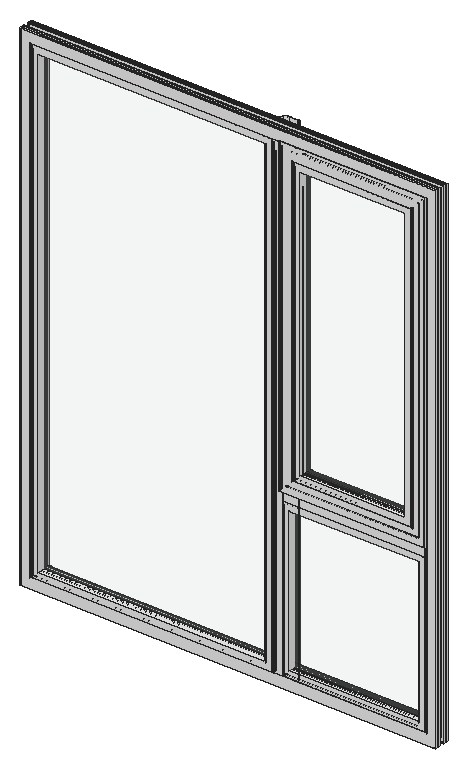
Revit family "Serene_T&T_Window_E_Standard", category Windows, host Wall, Revit 2014
Parameters (values of type "52TT-1518S-2000Pa")
  Windload Design = if(Custom Windload < 1001 mm, 1000 mm, if(Custom Windload < 1501 mm, 1500 mm, 2000 mm))  # 2000 mm
  Width Sash [instance] = 522 mm
  Width = if(Custom Window Width > Limit Window Width Max, Limit Window Width Max, if(Custom Window Width < Limit Window Width Min, Limit Window Width Min, Custom Window Width))  # 1490 mm
  Wall Thickness [instance] = 200 mm
  URL = "http://www.crealco.co.za/crealco-products.php"
  Thermal Resistance (R) [instance] = if(IGDB or SAGDB Number = 1000015, 1.0000 (m²·K)/W / Clearvue U Value, if(IGDB or SAGDB Number = 9922, 1.0000 (m²·K)/W / Energy Advantage U Value, if(IGDB or SAGDB Number = 100100, 1.0000 (m²·K)/W / Intruderprufe U Value, if(IGDB or SAGDB Number = 103200, 1.0000 (m²·K)/W / Intruderprufe LowE U Value, if(IGDB or SAGDB Number = 105001, 1.0000 (m²·K)/W / Clearvue Insulated U Value, if(IGDB or SAGDB Number = 105002, 1.0000 (m²·K)/W / Clearvue Insulated LowE U Value, 1.0000 (m²·K)/W / 7.9)))))) * 1  # 0.126582 (m²·K)/W
  Standard Mullion = not(Heavy Duty Mullion)  # no
  Solar Heat Gain Coefficient [instance] = if(IGDB or SAGDB Number = 1000015, Clearvue SHGC Value, if(IGDB or SAGDB Number = 9922, Energy Advantage SHGC Value, if(IGDB or SAGDB Number = 100100, Intruderprufe SHGC Value, if(IGDB or SAGDB Number = 103200, Intruderprufe LowE SHGC Value, if(IGDB or SAGDB Number = 105001, Clearvue Insulated SHGC Value, if(IGDB or SAGDB Number = 105002, Clearvue Insulated LowE SHGC Value, 0))))))  # 0
  Sash Width = if(Custom Sash Width > Limit Sash Width Max, Limit Sash Width Max, if(Custom Sash Width < Limit Sash Width Min, Limit Sash Width Min, Custom Sash Width))  # 522 mm
  Sash Overlap = 28 mm  # constant formula
  Sash Height = if(Custom Sash Height > Limit Sash Height Max, Limit Sash Height Max, if(Custom Sash Height < Limit Sash Height Min, Limit Sash Height Min, Custom Sash Height))  # 1122 mm
  Sash Frame Gasket = 3.4 mm  # constant formula
  Sash Edge Gap = 34 mm  # constant formula
  Overall Width [instance] = 1490 mm
  Overall Height [instance] = 1790 mm
  Max System DG Unit Thickness = 20 mm  # constant formula
  Max System DG One Piece Thickness = rounddown((Max System DG Unit Thickness - 12 mm) / 2 mm) * 1 mm  # 4 mm
  Max Pane Area = if(and(Area Glazing Sash > Area Glazing Fixed Panel Right, Area Glazing Sash > Area Glazing Fixed Panel Left), Area Glazing Sash, if(and(Area Glazing Fixed Panel Right > Area Glazing Sash, Area Glazing Fixed Panel Right > Area Glazing Fixed Panel Left), Area Glazing Fixed Panel Right, if(and(Area Glazing Fixed Panel Left > Area Glazing Sash, Area Glazing Fixed Panel Left > Area Glazing Fixed Panel Right), Area Glazing Fixed Panel Left, if(Area Glazing Sash > Area Glazing Fixed Panel Right, Area Glazing Sash, Area Glazing Fixed Panel Right))))  # 1.44568 m²
  Limit Fixed Panel Width Max = 1800 mm  # constant formula
  Limit Fixed Panel Height Min = 200 mm  # constant formula
  Limit Fixed Panel Height Max = 1800 mm  # constant formula
  Length Transom = Sash Width - 6 mm - 6.4 mm  # 509.6 mm
  Length Decorative Mullion = Height  # 1790 mm
  Intruderprufe U Value = 5.95
  Intruderprufe SHGC Value = 0.58
  Intruderprufe LowE U Value = 4.42
  Intruderprufe LowE SHGC Value = 0.514
  IGDB or SAGDB Number [instance] = 0
  Height Sash [instance] = 1122 mm
  Height = if(Custom Window Height > Limit Window Height Max, Limit Window Height Max, if(Custom Window Height < Limit Window Height Min, Limit Window Height Min, Custom Window Height))  # 1790 mm
  Heavy Duty Mullion = if(Windload Design = 1000 mm, if(and(Width > 890 mm, Height > 1490 mm), 1 = 1, 1 = 0), if(Windload Design = 1500 mm, if(or(and(Width > 1190 mm, Height > 1190 mm), Height > 1490 mm), 1 = 1, 1 = 0), if(or(and(Width > 890 mm, Height > 1190 mm), Height > 1490 mm), 1 = 1, 1 = 0)))  # yes
  Heat Transfer Coefficient (U) [instance] = if(IGDB or SAGDB Number = 1000015, Clearvue U Value, if(IGDB or SAGDB Number = 9922, Energy Advantage U Value, if(IGDB or SAGDB Number = 100100, Intruderprufe U Value, if(IGDB or SAGDB Number = 103200, Intruderprufe LowE U Value, if(IGDB or SAGDB Number = 105001, Clearvue Insulated U Value, if(IGDB or SAGDB Number = 105002, Clearvue Insulated LowE U Value, 7.9)))))) * 1.0000 W/(m²·K)  # 7.9000 W/(m²·K)
  Glazing Material [instance] = if(IGDB or SAGDB Number = 1000015, "PFG CLEARVUE 4mm", if(IGDB or SAGDB Number = 9922, "PFG ENERGY ADVANTAGE 4mm LOW-E", if(IGDB or SAGDB Number = 100100, "PFG INTRUDERPRUFE 6.38mm", if(IGDB or SAGDB Number = 103200, "PFG INTRUDERPRUFE LOW-E 7.38mm", if(IGDB or SAGDB Number = 105001, "PFG 20mm CLEARVUE INSULATED GLASS", if(IGDB or SAGDB Number = 105002, "PFG 20mm CLEARVUE INSULATED GLASS LOW-E", "Unknown"))))))  # "Unknown"
  Glazing Code [instance] = if(IGDB or SAGDB Number = 1000015, "CF4", if(IGDB or SAGDB Number = 9922, "CF4E", if(IGDB or SAGDB Number = 100100, "LAM01", if(IGDB or SAGDB Number = 103200, "LAM01E", if(IGDB or SAGDB Number = 105001, "IGU20", if(IGDB or SAGDB Number = 105002, "IGU20E", "Unknown"))))))  # "Unknown"
  Frame Width = 62 mm  # constant formula
  Frame Thickness = 52 mm  # constant formula
  Frame Offset From Exterior [instance] = if(Centered In Wall, (Wall Thickness - Frame Thickness) / 2, Custom Window Exterior Offset)  # 74 mm
  Fixed Panel Right Width = Width - Sash Width - 33.6 mm - 34 mm - 40 mm  # 860.4 mm
  Fixed Panel Right Height = Height - (2 mm * 40)  # 1710 mm
  Fixed Panel Left Width = Sash Width - 6 mm - 6.4 mm  # 509.6 mm
  Fixed Panel Left Height = Height - Sash Edge Gap - Sash Height - 40 mm - 33.6 mm  # 560.4 mm
  Energy Advantage U Value = 7.9
  Energy Advantage SHGC Value = 0
  DG Thickness Calc = if(not(Max Pane Area > 1.125 m²), 4 mm, if(not(Max Pane Area > 2.25 m²), 4 mm, if(not(Max Pane Area > 3.15 m²), 5 mm, if(not(Max Pane Area > 4.35 m²), 6 mm, if(not(Max Pane Area > 6.45 m²), 8 mm, 10 mm)))))  # 4 mm
  DG Thickness [instance] = if(IGDB or SAGDB Number = 105001, 4 mm, if(IGDB or SAGDB Number = 105002, 4 mm, if(DG Thickness Calc > Max System DG One Piece Thickness, Max System DG One Piece Thickness, DG Thickness Calc)))  # 4 mm
  DG Gasket Tickness = 12 mm  # constant formula
  Custom Window Width = 1490 mm
  Custom Window Height = 1790 mm
  Custom Window Exterior Offset = 0 mm
  Custom Windload = 2000 mm
  Custom Sash Width = 522 mm
  Single Glazing [instance] = not(Double Glazing)  # yes
  SG Thickness [instance] = if(IGDB or SAGDB Number = 1000015, 4 mm, if(IGDB or SAGDB Number = 9922, 4 mm, if(IGDB or SAGDB Number = 100100, 6 mm, if(IGDB or SAGDB Number = 103200, 7 mm, if(not(Max Pane Area > 0.75 m²), 4 mm, if(not(Max Pane Area > 1.50 m²), 4 mm, if(not(Max Pane Area > 2.10 m²), 5 mm, if(not(Max Pane Area > 2.90 m²), 6.4 mm, if(not(Max Pane Area > 4.30 m²), 8 mm, 10 mm)))))))))  # 4 mm
  Model = "Serene"  # constant formula
  Manufacturer = "Crealco"  # constant formula
  Limit Window Width Min = Limit Fixed Panel Width Min + Sash Width + Sash Edge Gap + 33.6 mm + 40 mm  # 829.6 mm
  Limit Window Width Max = Limit Fixed Panel Width Max + Sash Width + Sash Edge Gap + 33.6 mm + 40 mm  # 2429.6 mm
  Limit Window Height Min = Sash Edge Gap + Sash Height + 33.6 mm + Limit Fixed Panel Height Min + 40 mm  # 1429.6 mm
  Limit Window Height Max = Limit Fixed Panel Height Max + (2 * 40 mm)  # 1880 mm
  Limit Sash Width Min = 300 mm  # constant formula
  Limit Sash Width Max = 700 mm  # constant formula
  Limit Sash Height Min = 300 mm  # constant formula
  Limit Sash Height Max = 1500 mm  # constant formula
  Limit Fixed Panel Width Min = 200 mm  # constant formula
  Length Mullion = Height - (2 mm * 40)  # 1710 mm
  Glazing Finish [instance] = Glass
  Double Glazing [instance] = no
  Description = "Tilt and turn, Type E"  # constant formula
  Default Sill Height = 800 mm
  Wall Closure = By host
  DG Gasket Finish = Double Glazing Gasket Material
  Custom Sash Height = 1122 mm
  Clearvue U Value = 7.9
  Clearvue SHGC Value = 0
  Clearvue Insulated U Value = 3.84
  Clearvue Insulated SHGC Value = 0.552
  Clearvue Insulated LowE U Value = 3.29
  Clearvue Insulated LowE SHGC Value = 0.502
  Centered In Wall = yes
  Area Glazing Sash = (Sash Width - (2 mm * 50.2)) * (Sash Height - (2 mm * 50.2))  # 0.430707 m²
  Area Glazing Fixed Panel Right = (Fixed Panel Right Width - 10 mm) * (Fixed Panel Right Height - 10 mm)  # 1.44568 m²
  Area Glazing Fixed Panel Left = (Fixed Panel Left Width - 10 mm) * (Fixed Panel Left Height - 10 mm)  # 0.27498 m²
  Aluminium Finish [instance] = White Powder Coated Aluminium
  All Available Glazing Numbers [instance] = "The rows below list the available glazing materials for this window:"  # constant formula
  9922 [instance] = "CF4E"  # constant formula
  105002 [instance] = "IGU20E"  # constant formula
  105001 [instance] = "IGU20"  # constant formula
  103200 [instance] = "LAM01E"  # constant formula
  100100 [instance] = "LAM01"  # constant formula
  1000015 [instance] = "CF4"  # constant formula
Reference planes
  plane 1 "Center (Front/Back)": y = 0
  plane 2 "Center (Left/Right)": x = 0
  plane 3 "Left": x = -745
  plane 4 "Right": x = 745
  plane 5 "Sill": z = 800
  plane 6 "Head": z = 2590
  plane 7 "Exterior": y = 100
  plane 8 "Interior": y = -100
  plane 9: y = 0
Lines and regions (mm)
  Opening 1
    outline origin (3500, -100, 0) x (1, 0, 0) y (0, 0, 1)
      loop
        line (-2755, 800) -> (-2755, 2590) -> (-4245, 2590) -> (-4245, 800) -> (-2755, 800)
Text (mm)
  text "EXTERIOR" at (-1963.203, 1332.353, 0), in view "Ref. Level"
  text "INTERIOR" at (-1981.466, -818.386, 0), in view "Ref. Level"
  text "Exterior" at (0, 923.751, 2943.296), in view "Right"
  text "Exterior" at (0, 1040.484, 2685.409), in view "Left"
Dimensions and locks
  equal spacing: plane 3 "Left", plane 2 "Center (Left/Right)", plane 4 "Right"
  "Width": plane 3 "Left" to plane 4 "Right"
  "Height": plane 5 "Sill" to plane 6 "Head"
  "Default Sill Height": plane 5 "Sill" to level
  locked: plane 7 "Exterior" to host wall at 0
  locked: plane 8 "Interior" to host wall
  "Overall Height": plane 5 "Sill" to plane 6 "Head"
  "Overall Width": plane 3 "Left" to plane 4 "Right"
  "Frame Offset From Exterior": nested 1 to plane 7 "Exterior"
  "Wall Thickness": host wall to host wall
  "Sash Edge Gap": plane 6 "Head" to nested 3
  "Sash Frame Gasket": nested 3 to nested 1
  "Width Sash": nested 3 to nested 3
  "Height Sash": nested 3 to nested 3
  "Sash Edge Gap": nested 3 to plane 4 "Right"
  aligned and locked: plane 9 to host wall
  aligned and locked: nested 1 to plane 4 "Right"
  aligned and locked: nested 1 to plane 6 "Head"
  aligned and locked: nested 2 to nested 1
  aligned and locked: nested 4 to nested 1  (x2)
  aligned and locked: nested 1 to nested 4
  aligned and locked: nested 5 to nested 1
  aligned and locked: nested 1 to nested 5
  aligned and locked: nested 3 to nested 5
  aligned and locked: nested 6 to nested 5
  aligned and locked: nested 1 to nested 6
  aligned and locked: nested 6 to nested 2
  aligned and locked: nested 2 to nested 3
  aligned and locked: nested 1 to nested 10
  aligned and locked: nested 10 to nested 3
  aligned and locked: plane 5 "Sill" to nested 10
Automatic sketch dimensions
  Opening 1 sketch curve to plane 3 "Left" = 0 mm
  Opening 1 sketch curve to plane 4 "Right" = 0 mm
  Opening 1 sketch curve to plane 5 "Sill" = 0 mm
  Opening 1 sketch curve to plane 6 "Head" = 0 mm
Nested families
  nested 1: "Serene_Frame_Rounded_Ext_52mm_E_Std" at (-745, -26, 800), Frame Width <- "Width", Frame Height <- "Height", Profile Material <- "Aluminium Finish", type "Serene_Frame_Rounded_Ext_52mm_E_Std"
    with Profile Material White Powder Coated Aluminium, Frame Width 1490 mm, Frame Height 1790 mm
  nested 2: "Serene_Mullion_44mm_Flat_E_Std" at (222.15, -33.553, 840) x (0, 1, 0) z (0, 0, 1), Length Mullion <- "Length Mullion", Profile Material <- "Aluminium Finish", visible <- "Standard Mullion", type "Serene_Mullion_44mm_Flat_E_Std"
    with Profile Material White Powder Coated Aluminium, Length Mullion 1710 mm
  nested 3: "Serene_Sash_Open_In_72mm_E_Std" at (711, -32.8, 1434) x (-1, 0, 0) z (0, 0, 1), Profile Material <- "Aluminium Finish", Glazing Material <- "Glazing Finish", Double Glazing Gasket Material <- "DG Gasket Finish", Width Sash <- "Sash Width", Height Sash <- "Sash Height", SG Glazing Thickness <- "SG Thickness", DG Glazing Thickness <- "DG Thickness", DG Gasket Thickness <- "DG Gasket Tickness", Double Glazing <- "Double Glazing", Single Glazing <- "Single Glazing", type "Serene_Sash_Open_In_72mm_E_Std"
    with Width Sash 522 mm, Width Bead 422 mm, Tilt yes, Single Glazing yes, SG Offset 32.25 mm, SG Glazing Thickness 4 mm, Right Hinged yes, Profile Material White Powder Coated Aluminium, Left Hinged no, Height Sash 1122 mm, Height Bead 1022 mm, Glazing Width 421.6 mm, Glazing Material Glass, Glazing Height 1021.6 mm, Double Glazing Gasket Material Double Glazing Gasket Material, Double Glazing no, DG Offset 18.75 mm, DG Glazing Thickness 4 mm, DG Gasket Thickness 12 mm
  nested 4: "Serene_Fixed_Panel_E_Std" at (-705, -26, 840), Profile Material <- "Aluminium Finish", Glazing Material <- "Glazing Finish", Double Glazing Gasket Material <- "DG Gasket Finish", SG Thickness <- "SG Thickness", Fixed Panel Width <- "Fixed Panel Right Width", Fixed Panel Height <- "Fixed Panel Right Height", DG Thickness <- "DG Thickness", Single Glazing <- "Single Glazing", Double Glazing <- "Double Glazing", type "Serene_Fixed_Panel_E_Std"
    with Single Glazing yes, SG Thickness 4 mm, SG Space Available 13 mm, SG Offset 4.5 mm, Profile Material White Powder Coated Aluminium, Glazing Width 850.4 mm, Glazing Material Glass, Glazing Height 1700 mm, Fixed Panel Width 860.4 mm, Fixed Panel Height 1710 mm, Double Glazing Gasket Material Double Glazing Gasket Material, Double Glazing no, DG Thickness 4 mm, DG Space Available 24 mm, DG Offset 2 mm, DG Gasket Thickness 12 mm
  nested 5: "Serene_Transom_44mm_Flat_E_Std" at (195.4, -40.48, 1087.299), Profile Material <- "Aluminium Finish", Length Transom <- "Length Transom", type "Serene_Transom_44mm_Flat_E_Std"
    with Profile Material White Powder Coated Aluminium, Length Transom 509.6 mm
  nested 6: "Serene_Fixed_Panel_E_Std" at (195.4, -26, 840), Profile Material <- "Aluminium Finish", Glazing Material <- "Glazing Finish", Double Glazing Gasket Material <- "DG Gasket Finish", SG Thickness <- "SG Thickness", Fixed Panel Width <- "Fixed Panel Left Width", Fixed Panel Height <- "Fixed Panel Left Height", DG Thickness <- "DG Thickness", Single Glazing <- "Single Glazing", Double Glazing <- "Double Glazing", type "Serene_Fixed_Panel_E_Std"
    with Single Glazing yes, SG Thickness 4 mm, SG Space Available 13 mm, SG Offset 4.5 mm, Profile Material White Powder Coated Aluminium, Glazing Width 499.6 mm, Glazing Material Glass, Glazing Height 550.4 mm, Fixed Panel Width 509.6 mm, Fixed Panel Height 560.4 mm, Double Glazing Gasket Material Double Glazing Gasket Material, Double Glazing no, DG Thickness 4 mm, DG Space Available 24 mm, DG Offset 2 mm, DG Gasket Thickness 12 mm
  nested 7: "Serene_Single_Glazing_Tilt_&_Turn_E_Std" at (660.8, 3.45, 1484.2), type "Serene_Single_Glazing_Tilt_&_Turn_E_Std"
    with Tilt yes, Right Hinged yes, Left Hinged no, Half Width 210.8 mm, Half Height 510.8 mm, Glazing Width 421.6 mm, Glazing Thickness SG 4 mm, Glazing Material Glass, Glazing Height 1021.6 mm
  nested 8: "Serene_Single_Glazing_Fixed_E_Std" at (150.4, 10, 845), type "Serene_Single_Glazing_Fixed_E_Std"
    with Glazing Width 850.4 mm, Glazing Thickness SG 4 mm, Glazing Material Glass, Glazing Height 1700 mm
  nested 9: "Serene_Single_Glazing_Fixed_E_Std" at (700, 10, 845), type "Serene_Single_Glazing_Fixed_E_Std"
    with Glazing Width 499.6 mm, Glazing Thickness SG 4 mm, Glazing Material Glass, Glazing Height 550.4 mm
  nested 10: "Serene_Mullion_73mm_Decorative_E_Std" at (220.004, -30.05, 800) x (0, 1, 0) z (0, 0, 1), Profile Material <- "Aluminium Finish", Length Mullion <- "Length Decorative Mullion", visible <- "Heavy Duty Mullion", type "Serene_Mullion_73mm_Decorative_E_Std"
    with Profile Material White Powder Coated Aluminium, Length Mullion 1790 mm
Definition of nested family "Serene_Frame_Rounded_Ext_52mm_E_Std"
  Parameters (values of type "Serene_Frame_Rounded_Ext_52mm")
    Profile Material [instance] = none
    Frame Width [instance] = 600 mm
    Frame Height [instance] = 900 mm
  Reference planes
    plane 1 "Center (Front/Back)": y = 0
    plane 2: z = 0
    plane 3 "Center (Left/Right)": x = 0
  Forms (mm)
    Sweep 1, solid, material <- "Profile Material"
      path origin (0, 0, 0) x (1, 0, 0) y (0, 0, 1)
        loop
          line (0, 0) -> (600, 0) -> (600, 900) -> (0, 900) -> (0, 0)
      profile origin (300, 0, 0) x (0, 0, 1) y (0, -1, 0)
        loop
          line (32.05, -9) -> (32.05, -8) -> (33.7, -8) -> (33.7, -1.3) -> (15.1, -1.3) -> (15.1, -8) -> (16.75, -8) -> (16.75, -9) -> (15.1, -9) -> (15.1, -42.5) -> (16.75, -42.5) -> (16.75, -43.5) -> (15.1, -43.5) -> (15.1, -50.7) -> (33.7, -50.7) -> (33.7, -43.5) -> (32.05, -43.5) -> (32.05, -42.5) -> (33.7, -42.5) -> (33.7, -9) -> (32.05, -9)
        loop
          arc (52.4, -49.7) -> (52.107, -48.993) -> (51.4, -48.7) r 1
          line (51.4, -48.7) -> (50.4, -48.7)
          arc (50.4, -48.7) -> (49.9, -49.2) -> (50.4, -49.7) r 0.5
          line (50.4, -49.7) -> (51.2, -49.7) -> (51.2, -50.7) -> (35, -50.7) -> (35, -49.7) -> (36, -49.7)
          arc (36, -49.7) -> (36.5, -49.2) -> (36, -48.7) r 0.5
          line (36, -48.7) -> (35, -48.7) -> (35, -35.9) -> (40, -35.9) -> (40, -32.956) -> (38.5, -31.79) -> (38.5, -34.6) -> (35, -34.6) -> (35, -21.1) -> (38.5, -21.1) -> (38.5, -26.41) -> (40, -25.244) -> (40, -18.807) -> (38, -17.818) -> (38, -19.5) -> (35, -19.5) -> (35, -1.5) -> (38, -1.5) -> (38, -4.182) -> (40, -3.193) -> (40, 0) -> (0, 0) -> (0, -2.7) -> (1.3, -2.7) -> (1.3, -1.5) -> (13.8, -1.5) -> (13.8, -13.05) -> (0, -13.05) -> (0, -16.05) -> (1.3, -16.05) -> (1.3, -14.35) -> (13.8, -14.35) -> (13.8, -37.65) -> (1.3, -37.65) -> (1.3, -35.95) -> (0, -35.95) -> (0, -38.95) -> (13.8, -38.95) -> (13.8, -50.5) -> (1.3, -50.5) -> (1.3, -49.3) -> (0, -49.3) -> (0, -52) -> (58, -52)
          arc (58, -52) -> (60.828, -50.828) -> (62, -48) r 4
          line (62, -48) -> (62, -40.5) -> (59.5, -40.5) -> (59.5, -41.7) -> (60.7, -41.7) -> (60.7, -43.7) -> (55.5, -43.7) -> (55.5, -41.7) -> (56.7, -41.7) -> (56.7, -40.5) -> (54.2, -40.5) -> (54.2, -44)
          arc (54.2, -44) -> (54.493, -44.707) -> (55.2, -45) r 1
          line (55.2, -45) -> (60.7, -45) -> (60.7, -48)
          arc (60.7, -48) -> (59.909, -49.909) -> (58, -50.7) r 2.7
          line (58, -50.7) -> (52.4, -50.7) -> (52.4, -49.7)
  Lines and regions (mm)
    model lines, style "GenericModel"
      curve 1: line (600, 52, 900) -> (541.992, 52, 841.992)
      curve 2: line (0, 52, 900) -> (58.006, 52, 841.994)
      curve 3: line (0, 52, 0) -> (58.008, 52, 58.008)
      curve 4: line (600, 52, 0) -> (541.992, 52, 58.008)
      curve 5: line (0, 0, 900) -> (40, 0, 860)
      curve 6: line (600, 0, 900) -> (560, 0, 860)
      curve 7: line (600, 0, 0) -> (560, 0, 40)
      curve 8: line (0, 0, 0) -> (40, 0, 40)
  Dimensions and locks
    "Frame Width": Sweep 1 sketch curve to Sweep 1 sketch curve
    "Frame Height": Sweep 1 sketch curve to Sweep 1 sketch curve
    aligned and locked: level to plane 2
  Automatic sketch dimensions
    Sweep 1 sketch curve to Sweep 1 sketch curve = 0 mm  (x9)
    Sweep 1 sketch curve to profile plane = 0 mm  (x4)
    Sweep 1 sketch curve to Sweep 1 sketch curve = 1.3 mm  (x13)
    Sweep 1 sketch curve to Sweep 1 sketch curve = 12.5 mm  (x2)
    Sweep 1 sketch curve to Sweep 1 sketch curve = 1.65 mm  (x4)
    Sweep 1 sketch curve to Sweep 1 sketch curve = 15.3 mm  (x2)
    Sweep 1 sketch curve to Sweep 1 sketch curve = 1 mm  (x10)
    Sweep 1 sketch curve to Sweep 1 sketch curve = 3 mm  (x3)
    Sweep 1 sketch curve to Sweep 1 sketch curve = 0.5 mm  (x2)
    Sweep 1 sketch curve to Sweep 1 sketch curve = 3.5 mm
    Sweep 1 sketch curve to Sweep 1 sketch curve = 2 mm  (x3)
    Sweep 1 sketch curve to Sweep 1 sketch curve = 1.5 mm  (x3)
    Sweep 1 sketch curve to Sweep 1 sketch curve = 14.4 mm
    Sweep 1 sketch curve to Sweep 1 sketch curve = 0.8 mm
    Sweep 1 sketch curve to Sweep 1 sketch curve = 0.2 mm  (x3)
    Sweep 1 sketch curve to Sweep 1 sketch curve = 2.8 mm  (x3)
    Sweep 1 sketch curve to Sweep 1 sketch curve = 0.3 mm
    Sweep 1 sketch curve to Sweep 1 sketch curve = 1.2 mm  (x6)
    Sweep 1 sketch curve to plane 1 "Center (Front/Back)" = 52 mm
    Sweep 1 sketch curve to Sweep 1 sketch curve = 5.2 mm
    Sweep 1 sketch curve to Sweep 1 sketch curve = 7 mm
    Sweep 1 sketch curve to Sweep 1 sketch curve = 10.35 mm  (x2)
    Sweep 1 sketch curve to Sweep 1 sketch curve = 1.7 mm  (x2)
    Sweep 1 sketch curve to Sweep 1 sketch curve = 6.6 mm
    Sweep 1 sketch curve to Sweep 1 sketch curve = 1.644 mm
    Sweep 1 sketch curve to Sweep 1 sketch curve = 1.167 mm  (x2)
    Sweep 1 sketch curve to Sweep 1 sketch curve = 5.379 mm
    Sweep 1 sketch curve to Sweep 1 sketch curve = 4.144 mm
    Sweep 1 sketch curve to Sweep 1 sketch curve = 1.6 mm
    Sweep 1 sketch curve to Sweep 1 sketch curve = 0.693 mm
    Sweep 1 sketch curve to Sweep 1 sketch curve = 1.682 mm
    Sweep 1 sketch curve to Sweep 1 sketch curve = 19.9 mm
    Sweep 1 sketch curve to Sweep 1 sketch curve = 8.818 mm
    Sweep 1 sketch curve to Sweep 1 sketch curve = 4.05 mm
    Sweep 1 sketch curve to Sweep 1 sketch curve = 3.818 mm
    Sweep 1 sketch curve to Sweep 1 sketch curve = 0.99 mm
    Sweep 1 sketch curve to Sweep 1 sketch curve = 6.5 mm
    Sweep 1 sketch curve to Sweep 1 sketch curve = 1.693 mm
    curve 1 to Sweep 1 = 0 mm
    Sweep 1 to curve 1 = 0 mm
    curve 2 to Sweep 1 = 0 mm  (x2)
    curve 3 to Sweep 1 = 0 mm  (x2)
    curve 4 to Sweep 1 = 0 mm  (x2)
    curve 2 to Sweep 1 = 0.006 mm  (x2)
    curve 3 to Sweep 1 = 0.008 mm  (x2)
    curve 1 to Sweep 1 = 0.008 mm  (x2)
    curve 4 to Sweep 1 = 0.008 mm  (x2)
    curve 5 to Sweep 1 = 0 mm  (x4)
    curve 6 to Sweep 1 = 0 mm  (x4)
    curve 7 to Sweep 1 = 0 mm  (x3)
    Sweep 1 to curve 7 = 0 mm
    curve 8 to Sweep 1 = 0 mm  (x3)
    Sweep 1 to curve 8 = 0 mm
    Sweep 1 sketch curve to plane 3 "Center (Left/Right)" = 0 mm
    Sweep 1 sketch curve to level = 0 mm
Definition of nested family "Serene_Mullion_44mm_Flat_E_Std"
  Parameters (values of type "Serene_Mullion_44mm_Flat")
    Profile Material [instance] = none
    Length Mullion [instance] = 250 mm
    Length Cut = 22 mm
  Reference planes
    plane 1 "Center (Front/Back)": y = 0
    plane 2: z = 0
    plane 3 "Center (Left/Right)": x = 0
  Forms (mm)
    Extrusion 1, solid, material <- "Profile Material"
      sketch origin (0, 0, 0) x (1, 0, 0) y (0, 1, 0)
        loop
          line (9.056, 33.15) -> (50.755, 33.15) -> (50.755, 60.35) -> (9.056, 60.35) -> (9.056, 33.15)
        loop
          line (52.256, 88.75) -> (48.053, 88.75) -> (48.053, 86.25) -> (49.253, 86.25) -> (49.253, 87.45) -> (50.757, 87.45) -> (50.757, 82.25) -> (49.253, 82.25) -> (49.253, 83.45) -> (48.053, 83.45) -> (48.053, 80.95) -> (50.755, 80.95) -> (50.755, 61.75) -> (43.453, 61.75) -> (43.453, 66.75) -> (40.51, 66.75) -> (39.343, 65.25) -> (42.153, 65.25) -> (42.153, 61.75) -> (28.653, 61.75) -> (28.653, 65.25) -> (33.964, 65.25) -> (32.797, 66.75) -> (26.361, 66.75) -> (25.371, 64.75) -> (27.053, 64.75) -> (27.053, 61.75) -> (9.053, 61.75) -> (9.053, 64.75) -> (11.736, 64.75) -> (10.746, 66.75) -> (7.553, 66.75) -> (7.553, 26.749) -> (10.746, 26.749) -> (11.736, 28.749) -> (9.053, 28.749) -> (9.053, 31.749) -> (27.053, 31.749) -> (27.053, 28.749) -> (25.371, 28.749) -> (26.361, 26.749) -> (32.797, 26.749) -> (33.964, 28.249) -> (28.653, 28.249) -> (28.653, 31.749) -> (42.153, 31.749) -> (42.153, 28.249) -> (39.343, 28.249) -> (40.51, 26.749) -> (43.453, 26.749) -> (43.453, 31.749) -> (50.755, 31.749) -> (50.755, 12.55) -> (48.053, 12.55) -> (48.053, 10.05) -> (49.253, 10.05) -> (49.253, 11.25) -> (50.757, 11.25) -> (50.757, 6.05) -> (49.253, 6.05) -> (49.253, 7.25) -> (48.053, 7.25) -> (48.053, 4.75) -> (52.256, 4.75) -> (52.256, 88.75)
      from 0 to 250 <- "Length Mullion"
    Extrusion 2, void
      sketch origin (0, 0, 250) x (0, 1, 0) y (1, 0, 0)
        loop
          line (88.75, 48.053) -> (88.75, 52.256) -> (4.75, 52.256) -> (4.75, 48.053) -> (88.75, 48.053)
      from 0 to 22 <- "Length Cut"
    Extrusion 3, void
      sketch origin (0, 0, 0) x (1, 0, 0) y (0, 1, 0)
        loop
          line (48.053, 4.75) -> (52.256, 4.75) -> (52.256, 88.75) -> (48.053, 88.75) -> (48.053, 4.75)
      from 0 to 22 <- "Length Cut"
  Cuts and joins
    Extrusion 2, Extrusion 3 cuts Extrusion 1
  Dimensions and locks
    aligned and locked: level to plane 2
Definition of nested family "Serene_Sash_Open_In_72mm_E_Std"
  Parameters (values of type "Serene_Sash_Open_In_72mm")
    Width Sash [instance] = 600 mm
    Width Bead [instance] = Width Sash - (Bead Edge Offset * 2)  # 500 mm
    Tilt [instance] = yes
    Single Glazing [instance] = yes
    SG Offset [instance] = Rear Glazing Channel Offset - SG Available Space + ((SG Available Space - SG Glazing Thickness) / 2)  # 32.25 mm
    SG Glazing Thickness [instance] = 4 mm
    SG Available Space = 13.5 mm  # constant formula
    Right Hinged [instance] = yes
    Rear Glazing Channel Offset = 41 mm  # constant formula
    Profile Material [instance] = none
    Left Hinged [instance] = yes
    Height Sash [instance] = 900 mm
    Height Bead [instance] = Height Sash - (Bead Edge Offset * 2)  # 800 mm
    Glazing Width [instance] = Width Sash - (Glazing Edge Offset * 2)  # 499.6 mm
    Glazing Material [instance] = Glass
    Glazing Height [instance] = Height Sash - (Glazing Edge Offset * 2)  # 799.6 mm
    Glazing Edge Offset = 50.2 mm  # constant formula
    Double Glazing Gasket Material [instance] = none
    Double Glazing [instance] = yes
    DG Offset [instance] = Rear Glazing Channel Offset - DG Available Space + ((DG Available Space - DG Gasket Thickness - (2 * DG Glazing Thickness)) / 2)  # 18.75 mm
    DG Glazing Thickness [instance] = 4 mm
    DG Gasket Thickness [instance] = 12 mm
    DG Available Space = 24.5 mm  # constant formula
    Bead Edge Offset = 50 mm  # constant formula
  Reference planes
    plane 1 "Center (Front/Back)": y = 0
    plane 2: z = 0
    plane 3 "Center (Left/Right)": x = 0
  Forms (mm)
    Sweep 1, solid, material <- "Profile Material"
      path origin (0, 0, 0) x (1, 0, 0) y (0, 0, 1)
        loop
          line (0, 0) -> (600, 0) -> (600, 900) -> (0, 900) -> (0, 0)
      profile origin (300, 0, 0) x (0, 0, 1) y (0, -1, 0)
        loop
          line (21.76, 25.1) -> (23.96, 25.1) -> (23.96, 10.1) -> (21.76, 10.1) -> (21.76, 7.4) -> (18.76, 7.4) -> (18.76, 10.524) -> (17.46, 9.224) -> (17.46, 7.1)
          arc (17.46, 7.1) -> (17.753, 6.393) -> (18.46, 6.1) r 1
          line (18.46, 6.1) -> (23.96, 6.1) -> (23.96, 3.4) -> (22.8, 3.4)
          arc (22.8, 3.4) -> (22.3, 2.9) -> (22.8, 2.4) r 0.5
          line (22.8, 2.4) -> (23.96, 2.4) -> (23.96, 1.3) -> (7.7, 1.3) -> (7.7, 2.4) -> (8.5, 2.4) -> (8.5, 3.4) -> (5.3, 3.4) -> (5.3, 2.4) -> (6.6, 2.4) -> (6.6, 1.1) -> (1.2, 1.1) -> (1.2, 2.4) -> (2.5, 2.4) -> (2.5, 3.4) -> (0, 3.4) -> (0, 0) -> (49.96, 0) -> (49.96, 3.18) -> (48.16, 4.22) -> (48.16, 1.5) -> (45.16, 1.5) -> (45.16, 20.1) -> (48.16, 20.1) -> (48.16, 17.88) -> (49.96, 18.92) -> (49.96, 21.6) -> (45.16, 21.6) -> (45.16, 40) -> (37.96, 47) -> (37.96, 50.7) -> (43.96, 50.7) -> (43.96, 49.3)
          arc (43.96, 49.3) -> (44.253, 48.593) -> (44.96, 48.3) r 1
          line (44.96, 48.3) -> (46.21, 48.3)
          arc (46.21, 48.3) -> (46.71, 48.8) -> (46.21, 49.3) r 0.5
          line (46.21, 49.3) -> (44.96, 49.3) -> (44.96, 50.7) -> (61.46, 50.7) -> (61.46, 49.3) -> (60.21, 49.3)
          arc (60.21, 49.3) -> (59.71, 48.8) -> (60.21, 48.3) r 0.5
          line (60.21, 48.3) -> (61.46, 48.3)
          arc (61.46, 48.3) -> (62.167, 48.593) -> (62.46, 49.3) r 1
          line (62.46, 49.3) -> (62.46, 50.7) -> (66.96, 50.7)
          arc (66.96, 50.7) -> (69.576, 49.616) -> (70.66, 47) r 3.7
          line (70.66, 47) -> (70.66, 45.5) -> (64.16, 45.5) -> (64.16, 41) -> (66.66, 41) -> (66.66, 42.2) -> (65.46, 42.2) -> (65.46, 44.2) -> (70.66, 44.2) -> (70.66, 42.2) -> (69.46, 42.2) -> (69.46, 41) -> (71.96, 41) -> (71.96, 47)
          arc (71.96, 47) -> (70.496, 50.536) -> (66.96, 52) r 5
          line (66.96, 52) -> (33.006, 52) -> (33.006, 50.7) -> (34.46, 50.7) -> (36.66, 50.7) -> (36.66, 47.3) -> (26.46, 47.3) -> (23.536, 47.3) -> (24.836, 46) -> (26.96, 46) -> (26.96, 35.2) -> (23.935, 35.2) -> (18.293, 34.246)
          arc (18.293, 34.246) -> (17.696, 33.906) -> (17.46, 33.26) r 1
          line (17.46, 33.26) -> (17.46, 25.976) -> (18.76, 24.676) -> (18.76, 27.3) -> (21.76, 27.3) -> (21.76, 25.1)
        loop
          line (43.86, 33.9) -> (42.16, 33.9) -> (42.16, 35.2) -> (43.86, 35.2) -> (43.86, 39.451) -> (37.124, 46) -> (28.26, 46) -> (28.26, 34.9)
          arc (28.26, 34.9) -> (27.967, 34.193) -> (27.26, 33.9) r 1
          line (27.26, 33.9) -> (24.094, 33.9) -> (18.76, 33.007) -> (18.76, 28.6) -> (22.06, 28.6)
          arc (22.06, 28.6) -> (22.767, 28.307) -> (23.06, 27.6) r 1
          line (23.06, 27.6) -> (23.06, 26.4) -> (24.26, 26.4)
          arc (24.26, 26.4) -> (24.967, 26.107) -> (25.26, 25.4) r 1
          line (25.26, 25.4) -> (25.26, 24.337) -> (25.26, 9.8)
          arc (25.26, 9.8) -> (24.967, 9.093) -> (24.26, 8.8) r 1
          line (24.26, 8.8) -> (23.06, 8.8) -> (23.06, 7.4) -> (24.26, 7.4)
          arc (24.26, 7.4) -> (24.967, 7.107) -> (25.26, 6.4) r 1
          line (25.26, 6.4) -> (25.26, 1.3) -> (43.86, 1.3) -> (43.86, 33.9)
  Lines and regions (mm)
    model lines, style "GenericModel"
      curve 1: line (600, 0, 900) -> (550.04, 0, 850.04)
      curve 2: line (0, 0, 900) -> (49.96, 0, 850.04)
      curve 3: line (0, 0, 0) -> (49.96, 0, 49.96)
      curve 4: line (600, 0, 0) -> (550.04, 0, 49.96)
      curve 5: line (33.953, -50.7, 866.047) -> (66.968, -50.7, 833.032)
      curve 6: line (566.047, -50.7, 866.047) -> (533, -50.7, 833)
      curve 7: line (566.047, -50.7, 33.953) -> (533.032, -50.7, 66.968)
      curve 8: line (33.953, -50.7, 33.953) -> (66.968, -50.7, 66.968)
      curve 9: line (33.006, -52, 866.994) -> (66.968, -52, 833.032)
      curve 10: line (566.994, -52, 866.994) -> (533, -52, 833)
      curve 11: line (33.006, -52, 33.006) -> (66.968, -52, 66.968)
      curve 12: line (566.994, -52, 33.006) -> (533.032, -52, 66.968)
      curve 13: line (23.536, -47.3, 876.464) -> (33.006, -47.3, 866.994)
      curve 14: line (576.464, -47.3, 876.464) -> (566.994, -47.3, 866.994)
      curve 15: line (576.464, -47.3, 23.536) -> (566.994, -47.3, 33.006)
      curve 16: line (23.536, -47.3, 23.536) -> (33.006, -47.3, 33.006)
  Dimensions and locks
    "Width Sash": Sweep 1 sketch curve to Sweep 1 sketch curve
    "Height Sash": Sweep 1 sketch curve to Sweep 1 sketch curve
    "Bead Edge Offset": nested 1 to plane 2
    "Bead Edge Offset": nested 2 to plane 2
    "Bead Edge Offset": plane 3 "Center (Left/Right)" to nested 1
    "Bead Edge Offset": plane 3 "Center (Left/Right)" to nested 2
    "Glazing Edge Offset": plane 3 "Center (Left/Right)" to nested 3
    "Glazing Edge Offset": nested 3 to plane 2
    "SG Offset": nested 3 to plane 1 "Center (Front/Back)"
    "DG Offset": nested 4 to plane 1 "Center (Front/Back)"
    "Glazing Edge Offset": plane 3 "Center (Left/Right)" to nested 4
    "Glazing Edge Offset": nested 4 to level
    aligned and locked: level to plane 2
    aligned and locked: nested 1 to plane 1 "Center (Front/Back)"
    aligned and locked: nested 2 to plane 1 "Center (Front/Back)"
  Automatic sketch dimensions
    curve 1 to Sweep 1 = 0 mm  (x3)
    Sweep 1 to curve 1 = 0 mm
    curve 2 to Sweep 1 = 0 mm  (x3)
    Sweep 1 to curve 2 = 0 mm
    curve 3 to Sweep 1 = 0 mm  (x4)
    curve 4 to Sweep 1 = 0 mm  (x4)
    curve 8 to Sweep 1 = 30.308 mm  (x2)
    curve 5 to Sweep 1 = 30.308 mm  (x2)
    curve 6 to Sweep 1 = 30.34 mm  (x2)
    curve 7 to Sweep 1 = 30.308 mm  (x2)
    Sweep 1 sketch curve to Sweep 1 sketch curve = 0 mm  (x12)
    Sweep 1 sketch curve to plane 1 "Center (Front/Back)" = 0 mm
    profile plane to Sweep 1 sketch curve = 0 mm
    Sweep 1 sketch curve to profile plane = 1.2 mm
    Sweep 1 sketch curve to Sweep 1 sketch curve = 1.3 mm  (x21)
    Sweep 1 sketch curve to Sweep 1 sketch curve = 2.8 mm  (x2)
    Sweep 1 sketch curve to Sweep 1 sketch curve = 1.1 mm  (x2)
    Sweep 1 sketch curve to Sweep 1 sketch curve = 0.8 mm
    Sweep 1 sketch curve to profile plane = 17.46 mm
    Sweep 1 sketch curve to Sweep 1 sketch curve = 8.96 mm
    Sweep 1 sketch curve to Sweep 1 sketch curve = 0.833 mm
    Sweep 1 sketch curve to Sweep 1 sketch curve = 0.167 mm
    Sweep 1 sketch curve to Sweep 1 sketch curve = 1 mm  (x10)
    Sweep 1 sketch curve to Sweep 1 sketch curve = 3 mm  (x4)
    Sweep 1 sketch curve to Sweep 1 sketch curve = 0.3 mm  (x6)
    plane 1 "Center (Front/Back)" to Sweep 1 sketch curve = 3.4 mm
    Sweep 1 sketch curve to Sweep 1 sketch curve = 1.04 mm
    Sweep 1 sketch curve to Sweep 1 sketch curve = 5.242 mm
    Sweep 1 sketch curve to Sweep 1 sketch curve = 5.175 mm
    Sweep 1 sketch curve to Sweep 1 sketch curve = 0.9 mm
    Sweep 1 sketch curve to Sweep 1 sketch curve = 1.16 mm
    Sweep 1 sketch curve to Sweep 1 sketch curve = 0.158 mm
    Sweep 1 sketch curve to Sweep 1 sketch curve = 1.2 mm  (x6)
    Sweep 1 sketch curve to Sweep 1 sketch curve = 1.624 mm
    Sweep 1 sketch curve to Sweep 1 sketch curve = 0.5 mm  (x3)
    Sweep 1 sketch curve to Sweep 1 sketch curve = 4.746 mm
    Sweep 1 sketch curve to Sweep 1 sketch curve = 1.454 mm
    Sweep 1 sketch curve to Sweep 1 sketch curve = 2.2 mm
    Sweep 1 sketch curve to Sweep 1 sketch curve = 0.464 mm
    Sweep 1 sketch curve to Sweep 1 sketch curve = 0.836 mm
    Sweep 1 sketch curve to Sweep 1 sketch curve = 5.036 mm
    plane 1 "Center (Front/Back)" to Sweep 1 sketch curve = 1.3 mm
    Sweep 1 sketch curve to Sweep 1 sketch curve = 18.6 mm
    Sweep 1 sketch curve to Sweep 1 sketch curve = 1.7 mm
    Sweep 1 sketch curve to Sweep 1 sketch curve = 6 mm
    Sweep 1 sketch curve to Sweep 1 sketch curve = 1.25 mm  (x2)
    plane 1 "Center (Front/Back)" to Sweep 1 sketch curve = 17.88 mm
    plane 1 "Center (Front/Back)" to Sweep 1 sketch curve = 18.92 mm
    Sweep 1 sketch curve to Sweep 1 sketch curve = 1.8 mm  (x2)
    Sweep 1 sketch curve to Sweep 1 sketch curve = 14 mm
    Sweep 1 sketch curve to Sweep 1 sketch curve = 2.7 mm  (x2)
    Sweep 1 sketch curve to Sweep 1 sketch curve = 1.5 mm  (x3)
    plane 1 "Center (Front/Back)" to Sweep 1 sketch curve = 1.1 mm
    plane 1 "Center (Front/Back)" to Sweep 1 sketch curve = 1.5 mm
    Sweep 1 sketch curve to Sweep 1 sketch curve = 1.68 mm
    Sweep 1 sketch curve to Sweep 1 sketch curve = 1.039 mm
    Sweep 1 sketch curve to Sweep 1 sketch curve = 1.4 mm  (x2)
    Sweep 1 sketch curve to Sweep 1 sketch curve = 2.124 mm
    Sweep 1 sketch curve to Sweep 1 sketch curve = 2.22 mm
    Sweep 1 sketch curve to Sweep 1 sketch curve = 14.237 mm
    Sweep 1 sketch curve to Sweep 1 sketch curve = 0.339 mm
    Sweep 1 sketch curve to Sweep 1 sketch curve = 0.763 mm
    Sweep 1 sketch curve to Sweep 1 sketch curve = 1.063 mm
    Sweep 1 sketch curve to Sweep 1 sketch curve = 1.324 mm
    Sweep 1 sketch curve to Sweep 1 sketch curve = 4.407 mm
    Sweep 1 sketch curve to Sweep 1 sketch curve = 0.254 mm
    Sweep 1 sketch curve to Sweep 1 sketch curve = 5.3 mm
    Sweep 1 sketch curve to Sweep 1 sketch curve = 12.3 mm
    Sweep 1 sketch curve to Sweep 1 sketch curve = 4.251 mm
    Sweep 1 sketch curve to Sweep 1 sketch curve = 0.549 mm
    Sweep 1 sketch curve to Sweep 1 sketch curve = 2 mm
    Sweep 1 sketch curve to Sweep 1 sketch curve = 10.8 mm
    Sweep 1 sketch curve to Sweep 1 sketch curve = 2.4 mm
    Sweep 1 sketch curve to Sweep 1 sketch curve = 3.4 mm
    curve 5 to Sweep 1 = 0.947 mm  (x2)
    curve 8 to Sweep 1 = 0.947 mm  (x2)
    curve 7 to Sweep 1 = 0.947 mm  (x2)
    curve 6 to Sweep 1 = 0.947 mm  (x2)
    curve 9 to Sweep 1 = 0 mm  (x2)
    curve 10 to Sweep 1 = 0 mm  (x2)
    Sweep 1 to curve 11 = 0 mm
    curve 11 to Sweep 1 = 0 mm
    curve 12 to Sweep 1 = 0 mm  (x2)
    curve 11 to Sweep 1 = 0.008 mm
    curve 9 to Sweep 1 = 0.008 mm  (x2)
    curve 10 to Sweep 1 = 0.04 mm  (x2)
    curve 12 to Sweep 1 = 0.008 mm
    Sweep 1 to curve 12 = 0.008 mm
    Sweep 1 to curve 11 = 0.008 mm
    curve 13 to Sweep 1 = 0 mm  (x2)
    curve 14 to Sweep 1 = 0 mm  (x2)
    curve 15 to Sweep 1 = 0 mm
    Sweep 1 to curve 15 = 0 mm
    curve 16 to Sweep 1 = 0 mm  (x2)
    Sweep 1 to curve 16 = 3.654 mm
    Sweep 1 to curve 13 = 3.654 mm  (x2)
    Sweep 1 to curve 15 = 3.654 mm
    Sweep 1 to curve 14 = 3.654 mm  (x2)
    curve 15 to Sweep 1 = 3.654 mm
    curve 16 to Sweep 1 = 3.654 mm
    Sweep 1 sketch curve to plane 3 "Center (Left/Right)" = 0 mm
    Sweep 1 sketch curve to level = 0 mm
  Nested families
    nested 1: "Serene_Bead_Square_12mm" at (550, 0, 50) x (-1, 0, 0) z (0, 0, 1), visible <- "Single Glazing", Profile Material <- "Profile Material", Width Bead <- "Width Bead", Height Bead <- "Height Bead", type "Serene_Bead_Square_12mm"
      with Width Bead 500 mm, Profile Material none, Height Bead 800 mm
    nested 2: "Serene_Bead_D_Glazing_Square" at (550, 0, 50) x (-1, 0, 0) z (0, 0, 1), Profile Material <- "Profile Material", visible <- "Double Glazing", Width Bead <- "Width Bead", Height Bead <- "Height Bead", type "Serene_Bead_D_Glazing_Square"
      with Width Bead 500 mm, Profile Material none, Height Bead 800 mm
    nested 3: "Serene_Single_Glazing_Tilt_&_Turn_E_Std" at (50.2, -36.25, 50.2) x (-1, 0, 0) z (0, 0, 1), Glazing Width <- "Glazing Width", Glazing Height <- "Glazing Height", visible <- "Single Glazing", Glazing Material <- "Glazing Material", Glazing Thickness SG <- "SG Glazing Thickness", Tilt <- "Tilt", Right Hinged <- "Right Hinged", Left Hinged <- "Left Hinged", type "Serene_Single_Glazing_Tilt_&_Turn_E_Std"
      with Tilt yes, Right Hinged yes, Left Hinged yes, Half Width 249.8 mm, Half Height 399.8 mm, Glazing Width 499.6 mm, Glazing Thickness SG 4 mm, Glazing Material Glass, Glazing Height 799.6 mm
    nested 4: "Serene_Double_Glazing_Tilt_&_Turn_E_Std" at (50.2, -38.75, 50.2) x (-1, 0, 0) z (0, 0, 1), Glazing Width <- "Glazing Width", Glazing Height <- "Glazing Height", Glazing Thickness DG <- "DG Glazing Thickness", Double Glazing Gasket Thickness <- "DG Gasket Thickness", Double Glazing Gasket Material <- "Double Glazing Gasket Material", Glazing Material <- "Glazing Material", visible <- "Double Glazing", Tilt <- "Tilt", Left Hinged <- "Left Hinged", Right Hinged <- "Right Hinged", type "Serene_Double_Glazing_Tilt_&_Turn_E_Std"
      with Tilt yes, Right Hinged yes, Left Hinged yes, Half Width 249.8 mm, Half Height 399.8 mm, Glazing Width 499.6 mm, Glazing Thickness DG 4 mm, Glazing Material Glass, Glazing Height 799.6 mm, Double Glazing Gasket Thickness 12 mm, Double Glazing Gasket Material none
  Definition of nested family "Serene_Bead_Square_12mm"
    Parameters (values of type "Serene_Bead_Square_12mm")
      Profile Material [instance] = none
      Width Bead [instance] = 600 mm
      Height Bead [instance] = 900 mm
    Reference planes
      plane 1 "Center (Front/Back)": y = 0
      plane 2: z = 0
      plane 3 "Center (Left/Right)": x = 0
    Forms (mm)
      Sweep 1, solid, material <- "Profile Material"
        path origin (0, 0, 0) x (1, 0, 0) y (0, 0, 1)
          loop
            line (0, 0) -> (600, 0) -> (600, 900) -> (0, 900) -> (0, 0)
        profile origin (300, 0, 0) x (0, 0, 1) y (0, -1, 0)
          loop
            line (20.8, -26.3) -> (19.6, -26.3) -> (19.6, -27.5) -> (22, -27.5) -> (22, 0) -> (0, 0) -> (0, -1.2) -> (1.2, -1.2) -> (1.2, -4.2) -> (-1.876, -4.2) -> (-1.876, -3.293) -> (-3.909, -4.467)
            arc (-3.909, -4.467) -> (-4.142, -5.029) -> (-3.659, -5.4) r 0.5
            line (-3.659, -5.4) -> (1.4, -5.4)
            arc (1.4, -5.4) -> (2.107, -5.107) -> (2.4, -4.4) r 1
            line (2.4, -4.4) -> (2.4, -1.2) -> (20.8, -1.2) -> (20.8, -16.2) -> (-3.659, -16.2)
            arc (-3.659, -16.2) -> (-4.142, -16.571) -> (-3.909, -17.133) r 0.5
            line (-3.909, -17.133) -> (-1.876, -18.307) -> (-1.876, -17.4) -> (20.8, -17.4) -> (20.8, -23.4) -> (14.6, -23.4) -> (14.6, -27.5) -> (17, -27.5) -> (17, -26.3) -> (15.8, -26.3) -> (15.8, -24.6) -> (20.8, -24.6) -> (20.8, -26.3)
    Lines and regions (mm)
      model lines, style "GenericModel"
        curve 1: line (22, 0, 878) -> (0, 0, 900)
        curve 2: line (578, 0, 878) -> (600, 0, 900)
        curve 3: line (578, 0, 22) -> (600, 0, 0)
        curve 4: line (22, 0, 22) -> (0, 0, 0)
    Dimensions and locks
      "Width Bead": Sweep 1 sketch curve to Sweep 1 sketch curve
      "Height Bead": Sweep 1 sketch curve to Sweep 1 sketch curve
      aligned and locked: level to plane 2
    Automatic sketch dimensions
      profile plane to Sweep 1 sketch curve = 3.909 mm
      Sweep 1 sketch curve to Sweep 1 sketch curve = 0 mm  (x4)
      Sweep 1 sketch curve to Sweep 1 sketch curve = 0.25 mm  (x2)
      Sweep 1 sketch curve to Sweep 1 sketch curve = 1.783 mm  (x2)
      Sweep 1 sketch curve to Sweep 1 sketch curve = 1.876 mm
      Sweep 1 sketch curve to Sweep 1 sketch curve = 3.076 mm
      Sweep 1 sketch curve to Sweep 1 sketch curve = 0.2 mm  (x2)
      Sweep 1 sketch curve to Sweep 1 sketch curve = 1.2 mm  (x9)
      Sweep 1 sketch curve to Sweep 1 sketch curve = 16.476 mm
      Sweep 1 sketch curve to Sweep 1 sketch curve = 2.6 mm
      Sweep 1 sketch curve to plane 1 "Center (Front/Back)" = 27.5 mm
      Sweep 1 sketch curve to Sweep 1 sketch curve = 1.7 mm
      Sweep 1 sketch curve to Sweep 1 sketch curve = 5.093 mm
      Sweep 1 sketch curve to Sweep 1 sketch curve = 6 mm
      Sweep 1 sketch curve to Sweep 1 sketch curve = 0.267 mm
      Sweep 1 sketch curve to Sweep 1 sketch curve = 0.433 mm
      Sweep 1 sketch curve to Sweep 1 sketch curve = 10.8 mm
      Sweep 1 sketch curve to Sweep 1 sketch curve = 0.5 mm
      Sweep 1 sketch curve to Sweep 1 sketch curve = 0.907 mm
      Sweep 1 sketch curve to Sweep 1 sketch curve = 2.093 mm
      Sweep 1 sketch curve to Sweep 1 sketch curve = 15 mm
      curve 1 to Sweep 1 = 0 mm  (x4)
      curve 4 to Sweep 1 = 0 mm  (x3)
      Sweep 1 to curve 4 = 0 mm
      curve 3 to Sweep 1 = 0 mm  (x3)
      curve 2 to Sweep 1 = 0 mm  (x4)
      Sweep 1 to curve 3 = 0 mm
      Sweep 1 sketch curve to plane 3 "Center (Left/Right)" = 0 mm
      Sweep 1 sketch curve to level = 0 mm
  Definition of nested family "Serene_Bead_D_Glazing_Square"
    Parameters (values of type "Serene_Bead_D_Glazing_Square")
      Width Bead [instance] = 900 mm
      Profile Material [instance] = none
      Height Bead [instance] = 1320 mm
    Reference planes
      plane 1 "Center (Front/Back)": y = 0
      plane 2: z = 0
      plane 3 "Center (Left/Right)": x = 0
    Forms (mm)
      Sweep 1, solid, material <- "Profile Material"
        path origin (0, 0, 0) x (1, 0, 0) y (0, 0, 1)
          loop
            line (0, 0) -> (900, 0) -> (900, 1320) -> (0, 1320) -> (0, 0)
        profile origin (450, 0, 0) x (0, 0, 1) y (0, -1, 0)
          loop
            line (22, -16.5) -> (22, 0) -> (0, 0) -> (0, -1.2) -> (1.2, -1.2) -> (1.2, -4.2) -> (-1.876, -4.2) -> (-1.876, -3.293) -> (-3.909, -4.467)
            arc (-3.909, -4.467) -> (-4.142, -5.029) -> (-3.659, -5.4) r 0.5
            line (-3.659, -5.4) -> (1.4, -5.4)
            arc (1.4, -5.4) -> (2.107, -5.107) -> (2.4, -4.4) r 1
            line (2.4, -4.4) -> (2.4, -1.2) -> (20.8, -1.2) -> (20.8, -12.4) -> (14.6, -12.4) -> (0, -16.7) -> (-3.659, -16.7)
            arc (-3.659, -16.7) -> (-4.142, -17.071) -> (-3.909, -17.633) r 0.5
            line (-3.909, -17.633) -> (-1.876, -18.807) -> (-1.876, -17.9) -> (0.173, -17.9) -> (14.6, -13.651) -> (14.6, -16.5) -> (17, -16.5) -> (17, -15.3) -> (15.8, -15.3) -> (15.8, -13.6) -> (20.8, -13.6) -> (20.8, -15.3) -> (19.6, -15.3) -> (19.6, -16.5) -> (22, -16.5)
    Lines and regions (mm)
      model lines, style "GenericModel"
        curve 1: line (22, 0, 1298) -> (0, 0, 1298)
        curve 2: line (878, 0, 1298) -> (900, 0, 1298)
        curve 3: line (878, 0, 22) -> (900, 0, 22)
        curve 4: line (22, 0, 22) -> (0, 0, 22)
    Dimensions and locks
      "Width Bead": Sweep 1 sketch curve to Sweep 1 sketch curve
      "Height Bead": Sweep 1 sketch curve to Sweep 1 sketch curve
      aligned and locked: level to plane 2
    Automatic sketch dimensions
      profile plane to Sweep 1 sketch curve = 3.909 mm  (x2)
      Sweep 1 sketch curve to Sweep 1 sketch curve = 0.25 mm  (x2)
      Sweep 1 sketch curve to Sweep 1 sketch curve = 2.033 mm
      Sweep 1 sketch curve to Sweep 1 sketch curve = 1.783 mm
      Sweep 1 sketch curve to Sweep 1 sketch curve = 1.876 mm  (x2)
      Sweep 1 sketch curve to Sweep 1 sketch curve = 0.173 mm
      Sweep 1 sketch curve to Sweep 1 sketch curve = 1.2 mm  (x9)
      Sweep 1 sketch curve to Sweep 1 sketch curve = 0.2 mm
      Sweep 1 sketch curve to Sweep 1 sketch curve = 12.2 mm
      Sweep 1 sketch curve to Sweep 1 sketch curve = 0 mm  (x4)
      Sweep 1 sketch curve to Sweep 1 sketch curve = 2.6 mm
      Sweep 1 sketch curve to plane 1 "Center (Front/Back)" = 18.807 mm
      Sweep 1 sketch curve to Sweep 1 sketch curve = 0.907 mm  (x2)
      Sweep 1 sketch curve to Sweep 1 sketch curve = 0.267 mm
      Sweep 1 sketch curve to Sweep 1 sketch curve = 0.433 mm
      Sweep 1 sketch curve to plane 1 "Center (Front/Back)" = 16.5 mm
      Sweep 1 sketch curve to Sweep 1 sketch curve = 1.649 mm
      Sweep 1 sketch curve to Sweep 1 sketch curve = 1.7 mm
      Sweep 1 sketch curve to Sweep 1 sketch curve = 1.251 mm
      Sweep 1 sketch curve to Sweep 1 sketch curve = 11.3 mm
      Sweep 1 sketch curve to Sweep 1 sketch curve = 0.5 mm
      Sweep 1 sketch curve to Sweep 1 sketch curve = 0.7 mm
      Sweep 1 sketch curve to Sweep 1 sketch curve = 3 mm
      curve 1 to Sweep 1 = 0 mm  (x3)
      curve 4 to Sweep 1 = 0 mm  (x2)
      Sweep 1 to curve 4 = 0 mm
      curve 3 to Sweep 1 = 0 mm  (x2)
      curve 2 to Sweep 1 = 0 mm  (x2)
      Sweep 1 to curve 3 = 0 mm
      Sweep 1 to curve 2 = 0 mm
      Sweep 1 sketch curve to plane 3 "Center (Left/Right)" = 0 mm
      Sweep 1 sketch curve to level = 0 mm
  Definition of nested family "Serene_Single_Glazing_Tilt_&_Turn_E_Std"
    Parameters (values of type "Single_Glazing_Tilt_&_Turn")
      Tilt [instance] = yes
      Right Hinged [instance] = yes
      Left Hinged [instance] = yes
      Half Width [instance] = Glazing Width / 2  # 450 mm
      Half Height [instance] = Glazing Height / 2  # 750 mm
      Glazing Width [instance] = 900 mm
      Glazing Height [instance] = 1500 mm
      Glazing Thickness SG [instance] = 4 mm
      Glazing Material [instance] = Glass
      Glazing Bead Gap = 21.8 mm  # constant formula
    Reference planes
      plane 1 "Center (Front/Back)": y = 0
      plane 2: z = 0
      plane 3 "Center (Left/Right)": x = 0
    Forms (mm)
      Extrusion 1, solid, material "Glass" <- "Glazing Material"
        sketch origin (0, 0, 0) x (1, 0, 0) y (0, 0, 1)
          loop
            line (0, 0) -> (0, 1500) -> (-900, 1500) -> (-900, 0) -> (0, 0)
        from 0 to 4 <- "Glazing Thickness SG"
    Lines and regions (mm)
      model lines, style "GenericModelHiddenLines", visible <- "Left Hinged"
        curve 1: line (-878.2, 0, 1478.2) -> (-21.8, 0, 750)
        curve 2: line (-21.8, 0, 750) -> (-878.2, 0, 21.8)
      model lines, style "GenericModelHiddenLines", visible <- "Right Hinged"
        curve 3: line (-21.8, 0, 1478.2) -> (-878.2, 0, 750)
        curve 4: line (-878.2, 0, 750) -> (-21.8, 0, 21.8)
      model lines, style "GenericModelHiddenLines", visible <- "Tilt"
        curve 5: line (-878.2, 0, 21.8) -> (-450, 0, 1478.2)
        curve 6: line (-450, 0, 1478.2) -> (-21.8, 0, 21.8)
    Dimensions and locks
      "Glazing Width": plane 3 "Center (Left/Right)" to Extrusion 1 sketch curve
      "Glazing Height": Extrusion 1 sketch curve to level
      "Glazing Bead Gap": curve 2 to Extrusion 1
      "Glazing Bead Gap": Extrusion 1 to curve 2  (x2)
      "Glazing Bead Gap": Extrusion 1 to curve 4  (x2)
      "Glazing Bead Gap": curve 4 to Extrusion 1
      "Glazing Bead Gap": Extrusion 1 to curve 3  (x2)
      "Glazing Bead Gap": Extrusion 1 to curve 1  (x2)
      "Half Height": curve 4 to Extrusion 1
      "Half Height": curve 2 to Extrusion 1
      "Glazing Bead Gap": Extrusion 1 to curve 6
      "Half Width": plane 3 "Center (Left/Right)" to curve 6
      aligned and locked: level to plane 2
      aligned and locked: Extrusion 1 sketch curve to plane 3 "Center (Left/Right)"
      aligned and locked: level to Extrusion 1 sketch curve
  Definition of nested family "Serene_Double_Glazing_Tilt_&_Turn_E_Std"
    Parameters (values of type "Double_Glazing_Tilt_&_Turn")
      Tilt [instance] = yes
      Left Hinged [instance] = yes
      Right Hinged [instance] = yes
      Half Width [instance] = Glazing Width / 2  # 300 mm
      Half Height [instance] = Glazing Height / 2  # 300 mm
      Glazing Width [instance] = 600 mm
      Glazing Height [instance] = 600 mm
      Glazing Thickness DG [instance] = 4 mm
      Glazing Material [instance] = Glass
      Glazing Bead Gap = 21.8 mm  # constant formula
      Double Glazing Gasket Thickness [instance] = 12 mm
      Double Glazing Gasket Material [instance] = none
    Reference planes
      plane 1 "Center (Front/Back)": y = 0
      plane 2: z = 0
      plane 3 "Center (Left/Right)": x = 0
    Forms (mm)
      Extrusion 1, solid, material "Glass" <- "Glazing Material"
        sketch origin (0, 0, 0) x (1, 0, 0) y (0, 0, 1)
          loop
            line (0, 0) -> (0, 600) -> (-600, 600) -> (-600, 0) -> (0, 0)
        from 0 to 4 <- "Glazing Thickness DG"
      Extrusion 2, solid, material <- "Double Glazing Gasket Material"
        sketch origin (0, -4, 0) x (1, 0, 0) y (0, 0, 1)
          loop
            line (-600, 600) -> (-600, 0) -> (0, 0) -> (0, 600) -> (-600, 600)
          loop
            line (-592, 8) -> (-8, 8) -> (-8, 592) -> (-592, 592) -> (-592, 8)
        from 0 to 12 <- "Double Glazing Gasket Thickness"
      Extrusion 3, solid, material "Glass" <- "Glazing Material"
        sketch origin (0, -16, 0) x (1, 0, 0) y (0, 0, 1)
          loop
            line (-600, 600) -> (-600, 0) -> (0, 0) -> (0, 600) -> (-600, 600)
        from 0 to 4 <- "Glazing Thickness DG"
    Lines and regions (mm)
      model lines, style "GenericModelHiddenLines", visible <- "Left Hinged"
        curve 1: line (-578.2, 0, 21.8) -> (-21.8, 0, 300)
        curve 2: line (-21.8, 0, 300) -> (-578.2, 0, 578.2)
      model lines, style "GenericModelHiddenLines", visible <- "Right Hinged"
        curve 3: line (-21.8, 0, 578.2) -> (-578.2, 0, 300)
        curve 4: line (-578.2, 0, 300) -> (-21.8, 0, 21.8)
      model lines, style "GenericModelHiddenLines", visible <- "Tilt"
        curve 5: line (-578.2, 0, 21.8) -> (-300, 0, 578.2)
        curve 6: line (-300, 0, 578.2) -> (-21.8, 0, 21.8)
    Dimensions and locks
      "Glazing Width": plane 3 "Center (Left/Right)" to Extrusion 1 sketch curve
      "Glazing Height": Extrusion 1 sketch curve to level
      "Glazing Bead Gap": curve 1 to Extrusion 3
      "Glazing Bead Gap": Extrusion 3 to curve 1
      "Glazing Bead Gap": Extrusion 3 to curve 2  (x3)
      "Half Height": curve 2 to Extrusion 3
      "Glazing Bead Gap": Extrusion 3 to curve 4  (x2)
      "Half Height": curve 4 to Extrusion 3
      "Glazing Bead Gap": curve 4 to Extrusion 3
      "Glazing Bead Gap": Extrusion 3 to curve 3  (x2)
      "Glazing Bead Gap": Extrusion 3 to curve 6
      "Half Width": plane 3 "Center (Left/Right)" to curve 6
      aligned and locked: level to plane 2
      aligned and locked: Extrusion 1 sketch curve to plane 3 "Center (Left/Right)"
      aligned and locked: level to Extrusion 1 sketch curve
      aligned and locked: Extrusion 2 sketch curve to Extrusion 1  (x4)
      aligned and locked: Extrusion 3 sketch curve to Extrusion 2  (x4)
    Automatic sketch dimensions
      Extrusion 2 sketch curve to Extrusion 1 = 8 mm  (x4)
Definition of nested family "Serene_Fixed_Panel_E_Std"
  Parameters (values of type "Serene_Fixed_Panel")
    Single Glazing [instance] = yes
    SG Thickness [instance] = 4 mm
    SG Space Available [instance] = 13 mm  # constant formula
    SG Offset [instance] = (SG Space Available - SG Thickness) / 2  # 4.5 mm
    Profile Material [instance] = none
    Glazing Width [instance] = Fixed Panel Width - (2 * Glazing Edge Spacing)  # 590 mm
    Glazing Material [instance] = Glass
    Glazing Height [instance] = Fixed Panel Height - (2 * Glazing Edge Spacing)  # 890 mm
    Glazing Edge Spacing = 5 mm  # constant formula
    Fixed Panel Width [instance] = 600 mm
    Fixed Panel Height [instance] = 900 mm
    Double Glazing Gasket Material [instance] = none
    Double Glazing [instance] = yes
    DG Thickness [instance] = 4 mm
    DG Space Available [instance] = 24 mm  # constant formula
    DG Offset [instance] = (DG Space Available - (DG Thickness * 2) - DG Gasket Thickness) / 2  # 2 mm
    DG Gasket Thickness [instance] = 12 mm
  Reference planes
    plane 1 "Center (Front/Back)": y = 0
    plane 2: z = 0
    plane 3 "Center (Left/Right)": x = 0
  Dimensions and locks
    "Glazing Edge Spacing": plane 3 "Center (Left/Right)" to nested 3
    "Glazing Edge Spacing": plane 3 "Center (Left/Right)" to nested 4
    "Glazing Edge Spacing": nested 3 to plane 2
    "Glazing Edge Spacing": nested 4 to plane 2
    "SG Offset": nested 3 to nested 1
    "DG Offset": nested 4 to nested 2
    aligned and locked: level to plane 2
    aligned and locked: plane 3 "Center (Left/Right)" to nested 1
    aligned and locked: plane 1 "Center (Front/Back)" to nested 1
    aligned and locked: nested 1 to plane 2
    aligned and locked: plane 3 "Center (Left/Right)" to nested 2
    aligned and locked: plane 1 "Center (Front/Back)" to nested 2
    aligned and locked: nested 2 to plane 2
  Nested families
    nested 1: "Serene_Bead_Square_12mm" at (0, 0, 0), visible <- "Single Glazing", Profile Material <- "Profile Material", Width Bead <- "Fixed Panel Width", Height Bead <- "Fixed Panel Height", type "Serene_Bead_Square_12mm"
      with Width Bead 600 mm, Profile Material none, Height Bead 900 mm
    nested 2: "Serene_Bead_D_Glazing_Square" at (0, 0, 0), visible <- "Double Glazing", Profile Material <- "Profile Material", Width Bead <- "Fixed Panel Width", Height Bead <- "Fixed Panel Height", type "Serene_Bead_D_Glazing_Square"
      with Width Bead 600 mm, Profile Material none, Height Bead 900 mm
    nested 3: "Serene_Single_Glazing_Fixed_E_Std" at (595, 36, 5), visible <- "Single Glazing", Glazing Material <- "Glazing Material", Glazing Width <- "Glazing Width", Glazing Height <- "Glazing Height", Glazing Thickness SG <- "SG Thickness", type "Serene_Single_Glazing_Fixed_E_Std"
      with Glazing Width 590 mm, Glazing Thickness SG 4 mm, Glazing Material Glass, Glazing Height 890 mm
    nested 4: "Serene_Double_Glazing_Fixed_E_Std" at (595, 38.5, 5), visible <- "Double Glazing", Glazing Material <- "Glazing Material", Double Glazing Gasket Material <- "Double Glazing Gasket Material", Glazing Width <- "Glazing Width", Glazing Height <- "Glazing Height", Glazing Thickness DG <- "DG Thickness", Double Glazing Gasket Thickness <- "DG Gasket Thickness", type "Serene_Double_Glazing_Fixed_E_Std"
      with Glazing Width 590 mm, Glazing Thickness DG 4 mm, Glazing Material Glass, Glazing Height 890 mm, Double Glazing Gasket Thickness 12 mm, Double Glazing Gasket Material none
  Definition of nested family "Serene_Bead_Square_12mm"
    Parameters (values of type "Serene_Bead_Square_12mm")
      Profile Material [instance] = none
      Width Bead [instance] = 600 mm
      Height Bead [instance] = 900 mm
